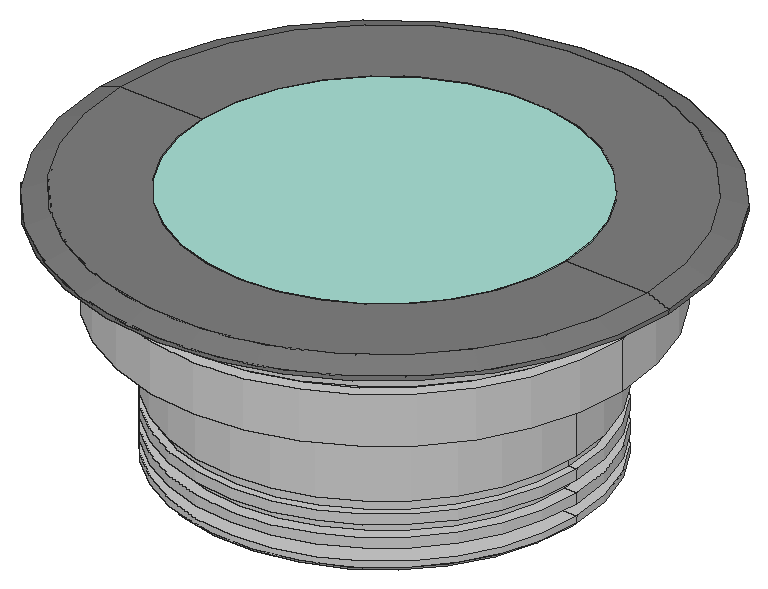
Revit family "Bright 5.H", category Lighting Fixtures, host Face, Revit 2019
Family settings
  Host = Face
  Round Connector Dimension = Use Diameter
  Part Type = Normal
  Cut with Voids When Loaded = Yes
  Light Source = Yes
  Shared = No
  Room Calculation Point = Yes
Parameters (values of type "Bright 5.H L 61° (RGBW 20W 24Vdc)")
  Wiring = "parallel"
  Width mm = 148 mm
  Weight kg = "1.3 kg"
  Wattage = 6.87348 W
  built-in parameter 1150110 = 1 (stored number, unit not read)
  Voltage = 24 V
  URL Accessories and power supply units = "https://www.lucelight.it/en/prodotto.php/128699#a-scheda-accessori"
  URL = "https://www.lucelight.it/en/prodotto.php/128699"
  built-in parameter 1114217 = 1 (stored number, unit not read)
  Tiltable = "-"
  URL Technical sheet = "https://www.lucelight.it/media/prodotti/st/ST_BRIGHT_5H.pdf"
  URL Image = "https://www.lucelight.it/media/prodotti/foto/bright_5.h_still.jpg"
  URL IES Photometric file = "https://www.lucelight.it/media/prodotti/fotometrie/bright_5.h_ies.zip"
  URL General code = "https://www.lucelight.it/en/prodotto.php/128699#a-generacodice"
  URL Description = "https://www.lucelight.it/en/capitolato.php/128699"
  URL DXF = "https://www.lucelight.it/media/prodotti/dxf/bright_5.h.dxf"
  URL Catalogue = "https://www.lucelight.it/media/prodotti/mf_brochure/bright_brochure_en.pdf"
  Trim = L&L_Steel inox AISI 316L
  Tilt Angle = 90.00°
  built-in parameter 1150109 = 1 (stored number, unit not read)
  built-in parameter 1150134 = 12
  built-in parameter 1150113 = 1 (stored number, unit not read)
  Radius Void = 50 mm
  Power supply unit = "not included"
  Power supply = "24Vdc"
  Power cables = "includes 1.50 m FEP+RUB cable (equivalent to H05RN-F) 6x0.50/0.50 Ø6.3 mm"
  Power Supply = L&L_Steel inox AISI 316L
  Power = "20W"
  Photometric Web File = "BRIGHT 5.H L 61° [RGBW 20W 24Vdc].IES"
  Optics = "61°"
  Notes = "-"
  built-in parameter 1150142 = "IESNA:LM-63-2002\r\n[TEST] 20191125-1730\r\n[TESTLAB] L&L\r\n[TESTDATE] 25 Nov 2019\r\n[ISSUEDATE] 25 Nov 2019\r\n[MANUFAC] L&L\r\n[LUMCAT] BRIGHT 5.H L 61° [RGBW 20W 24Vdc]\r\n[LUMINAIRE] BRIGHT 5.H L 61° [RGBW 20W 24Vdc]\r\n[FLASHAREA] 0.000931\r\n[LAMPCAT] RGBW group\r\n[LAMP] RGBW group\r\nTILT=NONE\r\n3 191.33 1.0 181 1 1 2 -0.070 -0.070 0.000\r\n1.00 1.00 20.00\r\n0.00 1.00 2.00 3.00 4.00 5.00 6.00 7.00 8.00 9.00 10.00 \r\n11.00 12.00 13.00 14.00 15.00 16.00 17.00 18.00 19.00 \r\n20.00 21.00 22.00 23.00 24.00 25.00 26.00 27.00 28.00 \r\n29.00 30.00 31.00 32.00 33.00 34.00 35.00 36.00 37.00 \r\n38.00 39.00 40.00 41.00 42.00 43.00 44.00 45.00 46.00 \r\n47.00 48.00 49.00 50.00 51.00 52.00 53.00 54.00 55.00 \r\n56.00 57.00 58.00 59.00 60.00 61.00 62.00 63.00 64.00 \r\n65.00 66.00 67.00 68.00 69.00 70.00 71.00 72.00 73.00 \r\n74.00 75.00 76.00 77.00 78.00 79.00 80.00 81.00 82.00 \r\n83.00 84.00 85.00 86.00 87.00 88.00 89.00 90.00 91.00 \r\n92.00 93.00 94.00 95.00 96.00 97.00 98.00 99.00 100.00 \r\n101.00 102.00 103.00 104.00 105.00 106.00 107.00 108.00 \r\n109.00 110.00 111.00 112.00 113.00 114.00 115.00 116.00 \r\n117.00 118.00 119.00 120.00 121.00 122.00 123.00 124.00 \r\n125.00 126.00 127.00 128.00 129.00 130.00 131.00 132.00 \r\n133.00 134.00 135.00 136.00 137.00 138.00 139.00 140.00 \r\n141.00 142.00 143.00 144.00 145.00 146.00 147.00 148.00 \r\n149.00 150.00 151.00 152.00 153.00 154.00 155.00 156.00 \r\n157.00 158.00 159.00 160.00 161.00 162.00 163.00 164.00 \r\n165.00 166.00 167.00 168.00 169.00 170.00 171.00 172.00 \r\n173.00 174.00 175.00 176.00 177.00 178.00 179.00 180.00 \r\n0.00 \r\n545.64 543.06 541.03 539.18 536.45 532.98 528.71 523.65 \r\n517.73 511.00 503.52 495.17 486.08 476.44 466.14 455.42 \r\n444.43 433.20 421.85 410.45 399.10 387.78 376.29 364.88 \r\n353.48 341.88 329.99 317.90 305.66 293.08 280.16 266.97 \r\n253.39 239.57 225.81 211.82 198.07 184.80 171.90 159.47 \r\n147.47 135.87 124.75 114.01 103.74 93.92 84.63 75.99 \r\n67.88 60.41 53.52 47.32 41.82 36.96 32.59 28.74 25.35 \r\n22.36 19.66 17.24 15.08 13.11 11.31 9.65 8.16 6.75 5.44 \r\n4.26 3.28 2.50 1.93 1.55 1.31 1.16 1.04 0.93 0.84 0.75 \r\n0.66 0.58 0.50 0.43 0.36 0.30 0.23 0.18 0.13 0.09 0.06 \r\n0.03 0.01 0.00 0.00 0.00 0.00 0.00 0.00 0.00 0.00 0.00 \r\n0.00 0.00 0.00 0.00 0.00 0.00 0.00 0.00 0.00 0.00 0.00 \r\n0.00 0.00 0.00 0.00 0.00 0.00 0.00 0.00 0.00 0.00 0.00 \r\n0.00 0.00 0.00 0.00 0.00 0.00 0.00 0.00 0.00 0.00 0.00 \r\n0.00 0.00 0.00 0.00 0.00 0.00 0.00 0.00 0.00 0.00 0.00 \r\n0.00 0.00 0.00 0.00 0.00 0.00 0.00 0.00 0.00 0.00 0.00 \r\n0.00 0.00 0.00 0.00 0.00 0.00 0.00 0.00 0.00 0.00 0.00 \r\n0.00 0.00 0.00 0.00 0.00 0.00 0.00 0.00 0.00 0.00 0.00 \r\n0.00 0.00 0.00 0.00 \r\n"
  No. and type of led = "3 RGBW power LED groups, 50 000h L85 B10 (Ta 25°C)"
  Mounting = "recessed (ceiling, wall, floor)"
  Model = "Bright 5.H"
  Material = "body in black-anodized anticorodal aluminium, trim in AISI 316L stainless steel, screen in tempered, serigraphed-grey and transparent extra-clear glass"
  Manufacturer = "L&L Luce&Light"
  built-in parameter 1150105 = 81.249 (stored number, unit not read)
  Lumens = 1021 lm
  built-in parameter 1150115 = 1 (stored number, unit not read)
  Lumen output at source = "1021 lm, R: 146 lm G: 329 lm B: 117 lm W: 429 lm (4000K)"
  built-in parameter 1150137 = (empty or 0)
  built-in parameter 1150139 = (empty or 0)
  Lens = L&L_Tempered extra-clear glass
  Length mm = 148 mm
  built-in parameter 1150112 = 1 (stored number, unit not read)
  built-in parameter 1150114 = 1 (stored number, unit not read)
  LED Colour = "RGBW"
  built-in parameter 1150132 = 2
  built-in parameter 1150102 = (empty or 0)
  built-in parameter 1150107 = 4000 (stored number, unit not read)
  built-in parameter 1150138 = (empty or 0)
  built-in parameter 1150106 = 0.81249 (stored number, unit not read)
  IP = "IP68, IP69K"
  Height mm = 90 mm
  Height Void = 80 mm
  Geometry = Bright 5.H_mod : Bright 5.H_mod
  Features = "-"
  Energy efficiency class = "A A+ A++"
  Emit from Line Length = 609.6 mm
  built-in parameter 1150104 = 13.8 (stored number, unit not read)
  Dimming Lamp Color Temperature Shift = <None>
  Description = "recessed for outdoor applications"
  Delivered lumen output = "656 lm, R: 101 lm G: 204 lm B: 75 lm W: 276 lm (4000K, 20°)"
  Default Elevation = 1219.2 mm
  Cutout dimensions = "diam. 125 mm"
  Control system = "-"
  Contact = "T: +39 0444 360571; E: lucelight@lucelight.it"
  Company = "L&L Luce&Light"
  Color Filter = 16777215
  Code = "-"
  CRI = "-"
  Body = L&L_Anodized aluminium
  built-in parameter 1114218 = 1 (stored number, unit not read)
  built-in parameter 1150133 = 10 (stored number, unit not read)
  Apparent Load Phase 1 = 20 W
  Apparent Load = 0 VA
Types (3, lengths in mm): name | Photometric Web File | Optics | built-in parameter 1150142
  Bright 5.H L 61° (RGBW 20W 24Vdc) | "BRIGHT 5.H L 61° [RGBW 20W 24Vdc].IES" | "61°" | "IESNA:LM-63-2002\r\n[TEST] 20191125-1730\r\n[TESTLAB] L&L\r\n[TESTDATE] 25 Nov 2019\r\n[ISSUEDATE] 25 Nov 2019\r\n[MANUFAC] L&L\r\n[LUMCAT] BRIGHT 5.H L 61° [RGBW 20W 24Vdc]\r\n[LUMINAIRE] BRIGHT 5.H L 61° [RGBW 20W 24Vdc]\r\n[FLASHAREA] 0.000931\r\n[LAMPCAT] RGBW group\r\n[LAMP] RGBW group\r\nTILT=NONE\r\n3 191.33 1.0 181 1 1 2 -0.070 -0.070 0.000\r\n1.00 1.00 20.00\r\n0.00 1.00 2.00 3.00 4.00 5.00 6.00 7.00 8.00 9.00 10.00 \r\n11.00 12.00 13.00 14.00 15.00 16.00 17.00 18.00 19.00 \r\n20.00 21.00 22.00 23.00 24.00 25.00 26.00 27.00 28.00 \r\n29.00 30.00 31.00 32.00 33.00 34.00 35.00 36.00 37.00 \r\n38.00 39.00 40.00 41.00 42.00 43.00 44.00 45.00 46.00 \r\n47.00 48.00 49.00 50.00 51.00 52.00 53.00 54.00 55.00 \r\n56.00 57.00 58.00 59.00 60.00 61.00 62.00 63.00 64.00 \r\n65.00 66.00 67.00 68.00 69.00 70.00 71.00 72.00 73.00 \r\n74.00 75.00 76.00 77.00 78.00 79.00 80.00 81.00 82.00 \r\n83.00 84.00 85.00 86.00 87.00 88.00 89.00 90.00 91.00 \r\n92.00 93.00 94.00 95.00 96.00 97.00 98.00 99.00 100.00 \r\n101.00 102.00 103.00 104.00 105.00 106.00 107.00 108.00 \r\n109.00 110.00 111.00 112.00 113.00 114.00 115.00 116.00 \r\n117.00 118.00 119.00 120.00 121.00 122.00 123.00 124.00 \r\n125.00 126.00 127.00 128.00 129.00 130.00 131.00 132.00 \r\n133.00 134.00 135.00 136.00 137.00 138.00 139.00 140.00 \r\n141.00 142.00 143.00 144.00 145.00 146.00 147.00 148.00 \r\n149.00 150.00 151.00 152.00 153.00 154.00 155.00 156.00 \r\n157.00 158.00 159.00 160.00 161.00 162.00 163.00 164.00 \r\n165.00 166.00 167.00 168.00 169.00 170.00 171.00 172.00 \r\n173.00 174.00 175.00 176.00 177.00 178.00 179.00 180.00 \r\n0.00 \r\n545.64 543.06 541.03 539.18 536.45 532.98 528.71 523.65 \r\n517.73 511.00 503.52 495.17 486.08 476.44 466.14 455.42 \r\n444.43 433.20 421.85 410.45 399.10 387.78 376.29 364.88 \r\n353.48 341.88 329.99 317.90 305.66 293.08 280.16 266.97 \r\n253.39 239.57 225.81 211.82 198.07 184.80 171.90 159.47 \r\n147.47 135.87 124.75 114.01 103.74 93.92 84.63 75.99 \r\n67.88 60.41 53.52 47.32 41.82 36.96 32.59 28.74 25.35 \r\n22.36 19.66 17.24 15.08 13.11 11.31 9.65 8.16 6.75 5.44 \r\n4.26 3.28 2.50 1.93 1.55 1.31 1.16 1.04 0.93 0.84 0.75 \r\n0.66 0.58 0.50 0.43 0.36 0.30 0.23 0.18 0.13 0.09 0.06 \r\n0.03 0.01 0.00 0.00 0.00 0.00 0.00 0.00 0.00 0.00 0.00 \r\n0.00 0.00 0.00 0.00 0.00 0.00 0.00 0.00 0.00 0.00 0.00 \r\n0.00 0.00 0.00 0.00 0.00 0.00 0.00 0.00 0.00 0.00 0.00 \r\n0.00 0.00 0.00 0.00 0.00 0.00 0.00 0.00 0.00 0.00 0.00 \r\n0.00 0.00 0.00 0.00 0.00 0.00 0.00 0.00 0.00 0.00 0.00 \r\n0.00 0.00 0.00 0.00 0.00 0.00 0.00 0.00 0.00 0.00 0.00 \r\n0.00 0.00 0.00 0.00 0.00 0.00 0.00 0.00 0.00 0.00 0.00 \r\n0.00 0.00 0.00 0.00 0.00 0.00 0.00 0.00 0.00 0.00 0.00 \r\n0.00 0.00 0.00 0.00 \r\n"
  Bright 5.H M 34° (RGBW 20W 24Vdc) | "BRIGHT 5.H M 34° [RGBW 20W 24Vdc].IES" | "34°" | "IESNA:LM-63-2002\r\n[TEST] 20191125-1616\r\n[TESTLAB] L&L\r\n[TESTDATE] 25 Nov 2019\r\n[ISSUEDATE] 25 Nov 2019\r\n[MANUFAC] L&L\r\n[LUMCAT] BRIGHT 5.H M 34° [RGBW 20W 24Vdc]\r\n[LUMINAIRE] BRIGHT 5.H M 34° [RGBW 20W 24Vdc]\r\n[FLASHAREA] 0.000931\r\n[LAMPCAT] RGBW group\r\n[LAMP] RGBW group\r\nTILT=NONE\r\n3 208.33 1.0 181 1 1 2 -0.070 -0.070 0.000\r\n1.00 1.00 20.00\r\n0.00 1.00 2.00 3.00 4.00 5.00 6.00 7.00 8.00 9.00 10.00 \r\n11.00 12.00 13.00 14.00 15.00 16.00 17.00 18.00 19.00 \r\n20.00 21.00 22.00 23.00 24.00 25.00 26.00 27.00 28.00 \r\n29.00 30.00 31.00 32.00 33.00 34.00 35.00 36.00 37.00 \r\n38.00 39.00 40.00 41.00 42.00 43.00 44.00 45.00 46.00 \r\n47.00 48.00 49.00 50.00 51.00 52.00 53.00 54.00 55.00 \r\n56.00 57.00 58.00 59.00 60.00 61.00 62.00 63.00 64.00 \r\n65.00 66.00 67.00 68.00 69.00 70.00 71.00 72.00 73.00 \r\n74.00 75.00 76.00 77.00 78.00 79.00 80.00 81.00 82.00 \r\n83.00 84.00 85.00 86.00 87.00 88.00 89.00 90.00 91.00 \r\n92.00 93.00 94.00 95.00 96.00 97.00 98.00 99.00 100.00 \r\n101.00 102.00 103.00 104.00 105.00 106.00 107.00 108.00 \r\n109.00 110.00 111.00 112.00 113.00 114.00 115.00 116.00 \r\n117.00 118.00 119.00 120.00 121.00 122.00 123.00 124.00 \r\n125.00 126.00 127.00 128.00 129.00 130.00 131.00 132.00 \r\n133.00 134.00 135.00 136.00 137.00 138.00 139.00 140.00 \r\n141.00 142.00 143.00 144.00 145.00 146.00 147.00 148.00 \r\n149.00 150.00 151.00 152.00 153.00 154.00 155.00 156.00 \r\n157.00 158.00 159.00 160.00 161.00 162.00 163.00 164.00 \r\n165.00 166.00 167.00 168.00 169.00 170.00 171.00 172.00 \r\n173.00 174.00 175.00 176.00 177.00 178.00 179.00 180.00 \r\n0.00 \r\n1415.62 1413.00 1403.12 1387.22 1365.30 1338.17 1304.80 \r\n1266.11 1221.94 1173.46 1120.87 1065.33 1005.77 943.30 \r\n881.03 819.27 758.56 698.03 639.28 583.80 531.39 482.41 \r\n437.69 395.89 357.93 322.62 291.15 262.58 236.85 213.72 \r\n193.02 174.27 157.32 141.99 128.16 115.93 104.90 94.97 \r\n86.10 78.27 70.97 64.41 58.26 52.77 47.75 43.24 39.30 \r\n35.72 32.46 29.48 26.77 24.29 22.04 19.95 18.08 16.33 \r\n14.74 13.26 11.88 10.58 9.37 8.23 7.17 6.17 5.20 4.27 \r\n3.36 2.59 1.97 1.48 1.15 0.94 0.81 0.72 0.65 0.59 0.53 \r\n0.47 0.42 0.37 0.32 0.28 0.23 0.19 0.16 0.12 0.09 0.06 \r\n0.04 0.02 0.00 0.00 0.00 0.00 0.00 0.00 0.00 0.00 0.00 \r\n0.00 0.00 0.00 0.00 0.00 0.00 0.00 0.00 0.00 0.00 0.00 \r\n0.00 0.00 0.00 0.00 0.00 0.00 0.00 0.00 0.00 0.00 0.00 \r\n0.00 0.00 0.00 0.00 0.00 0.00 0.00 0.00 0.00 0.00 0.00 \r\n0.00 0.00 0.00 0.00 0.00 0.00 0.00 0.00 0.00 0.00 0.00 \r\n0.00 0.00 0.00 0.00 0.00 0.00 0.00 0.00 0.00 0.00 0.00 \r\n0.00 0.00 0.00 0.00 0.00 0.00 0.00 0.00 0.00 0.00 0.00 \r\n0.00 0.00 0.00 0.00 0.00 0.00 0.00 0.00 0.00 0.00 0.00 \r\n0.00 0.00 0.00 0.00 0.00 \r\n"
  Bright 5.H S 20° (RGBW 20W 24Vdc) | "BRIGHT 5.H S 20° [RGBW 20W 24Vdc].IES" | "20°" | "IESNA:LM-63-2002\r\n[TEST] 20191125-1428\r\n[TESTLAB] L&L\r\n[TESTDATE] 25 Nov 2019\r\n[ISSUEDATE] 25 Nov 2019\r\n[MANUFAC] L&L\r\n[LUMCAT] BRIGHT 5.H S 20° [RGBW 20W 24Vdc]\r\n[LUMINAIRE] BRIGHT 5.H S 20° [RGBW 20W 24Vdc]\r\n[FLASHAREA] 0.000931\r\n[LAMPCAT] RGBW group\r\n[LAMP] RGBW group\r\nTILT=NONE\r\n3 218.67 1.0 181 1 1 2 -0.070 -0.070 0.000\r\n1.00 1.00 20.00\r\n0.00 1.00 2.00 3.00 4.00 5.00 6.00 7.00 8.00 9.00 10.00 \r\n11.00 12.00 13.00 14.00 15.00 16.00 17.00 18.00 19.00 \r\n20.00 21.00 22.00 23.00 24.00 25.00 26.00 27.00 28.00 \r\n29.00 30.00 31.00 32.00 33.00 34.00 35.00 36.00 37.00 \r\n38.00 39.00 40.00 41.00 42.00 43.00 44.00 45.00 46.00 \r\n47.00 48.00 49.00 50.00 51.00 52.00 53.00 54.00 55.00 \r\n56.00 57.00 58.00 59.00 60.00 61.00 62.00 63.00 64.00 \r\n65.00 66.00 67.00 68.00 69.00 70.00 71.00 72.00 73.00 \r\n74.00 75.00 76.00 77.00 78.00 79.00 80.00 81.00 82.00 \r\n83.00 84.00 85.00 86.00 87.00 88.00 89.00 90.00 91.00 \r\n92.00 93.00 94.00 95.00 96.00 97.00 98.00 99.00 100.00 \r\n101.00 102.00 103.00 104.00 105.00 106.00 107.00 108.00 \r\n109.00 110.00 111.00 112.00 113.00 114.00 115.00 116.00 \r\n117.00 118.00 119.00 120.00 121.00 122.00 123.00 124.00 \r\n125.00 126.00 127.00 128.00 129.00 130.00 131.00 132.00 \r\n133.00 134.00 135.00 136.00 137.00 138.00 139.00 140.00 \r\n141.00 142.00 143.00 144.00 145.00 146.00 147.00 148.00 \r\n149.00 150.00 151.00 152.00 153.00 154.00 155.00 156.00 \r\n157.00 158.00 159.00 160.00 161.00 162.00 163.00 164.00 \r\n165.00 166.00 167.00 168.00 169.00 170.00 171.00 172.00 \r\n173.00 174.00 175.00 176.00 177.00 178.00 179.00 180.00 \r\n0.00 \r\n3897.98 3863.00 3772.06 3634.66 3440.68 3227.92 2966.58 \r\n2700.07 2410.41 2131.63 1847.77 1592.61 1347.29 1123.19 \r\n935.11 770.56 636.48 519.94 430.20 356.78 300.25 254.94 \r\n222.13 194.04 173.72 156.08 142.56 131.07 121.37 113.07 \r\n105.96 99.49 93.68 88.36 83.18 78.54 73.65 69.17 64.50 \r\n60.00 55.42 51.03 46.44 42.39 38.45 34.82 31.58 28.55 \r\n25.82 23.24 20.95 18.80 16.94 15.15 13.66 12.19 10.95 \r\n9.77 8.69 7.69 6.77 5.92 5.14 4.41 3.71 3.06 2.41 1.89 \r\n1.45 1.12 0.89 0.74 0.64 0.58 0.52 0.47 0.43 0.38 0.34 \r\n0.30 0.27 0.23 0.20 0.16 0.13 0.11 0.08 0.06 0.04 0.02 \r\n0.00 0.00 0.00 0.00 0.00 0.00 0.00 0.00 0.00 0.00 0.00 \r\n0.00 0.00 0.00 0.00 0.00 0.00 0.00 0.00 0.00 0.00 0.00 \r\n0.00 0.00 0.00 0.00 0.00 0.00 0.00 0.00 0.00 0.00 0.00 \r\n0.00 0.00 0.00 0.00 0.00 0.00 0.00 0.00 0.00 0.00 0.00 \r\n0.00 0.00 0.00 0.00 0.00 0.00 0.00 0.00 0.00 0.00 0.00 \r\n0.00 0.00 0.00 0.00 0.00 0.00 0.00 0.00 0.00 0.00 0.00 \r\n0.00 0.00 0.00 0.00 0.00 0.00 0.00 0.00 0.00 0.00 0.00 \r\n0.00 0.00 0.00 0.00 0.00 0.00 0.00 0.00 0.00 0.00 0.00 \r\n0.00 0.00 0.00 \r\n"
Reference planes
  plane 1 "Center (Front/Back)": y = 0
  plane 2: z = 0
  plane 3 "Center (Left/Right)": x = 0
  plane 4: z = -80
Forms (mm)
  Extrusion 1, void
    sketch origin (0, 0, 0) x (1, 0, 0) y (0, 1, 0)
      loop
        circle (0, 0) r 50
    from -80 to 0
Dimensions and locks
  "Height Void": plane 4 to plane 2
  "Radius Void": radius of Extrusion 1 sketch curve
  aligned and locked: plane 2 to host face
  aligned and locked: level to host face
  aligned and locked: Extrusion 1 to plane 4
  aligned and locked: plane 2 to Extrusion 1
Automatic sketch dimensions
  host sketch curve to host sketch curve = 2438.4 mm  (x2)
  plane 1 "Center (Front/Back)" to Extrusion 1 sketch curve = 0 mm
  Extrusion 1 sketch curve to plane 3 "Center (Left/Right)" = 0 mm
Nested families
  nested 1: "Bright 5.H_mod" at (0, 0, 0), type <- "Geometry", type "Bright 5.H_mod"
Connectors
  electrical at (0, 0, 0), driven by "Apparent Load Phase 1", driven by "Voltage"
    settings: index 1, voltage 24 V, apparent load 0 VA, apparent load phase1 20 VA, apparent load phase2 0 VA, apparent load phase3 0 VA, power factor 1, load classification "Lighting", number of poles 1, system type 31, power factor state 1, is connector primary yes, connector utility no, sub classification motor no, connector description ""
Definition of nested family "Bright 5.H_mod"
  Parameters (values of type "Bright 5.H_mod")
    Trim = none
    Power supply = none
    Lens = none
    Default Elevation = 1219.2 mm
    Body = none
  Reference planes
    plane 1 "Light Source Axis (F/B)": y = 0
    plane 2: z = 0
    plane 3 "Light Source Axis (L/R)": x = 0
    plane 4 "Light Source Elevation": z = 3
    plane 5: z = -87
    plane 6: z = -22
  Forms (mm)
    Extrusion 1, solid, material <- "Body", detail levels coarse
      sketch origin (0, 0, 0) x (1, 0, 0) y (0, 1, 0)
        loop
          circle (0, 0) r 74
      from -87 to 3
    Extrusion 2, solid, material <- "Trim", detail levels medium
      sketch origin (0, 0, 0) x (1, 0, 0) y (0, 1, 0)
        loop
          circle (0, 0) r 74
        loop
          circle (0, 0) r 47.25
      from -22 to 3
    Extrusion 3, solid, material <- "Body", detail levels medium
      sketch origin (0, 0, 0) x (1, 0, 0) y (0, 1, 0)
        loop
          circle (0, 0) r 50
      from -87 to -22
    Extrusion 4, solid, material <- "Lens", detail levels medium+fine
      sketch origin (0, 0, 0) x (1, 0, 0) y (0, 1, 0)
        loop
          circle (0, 0) r 47.25
      from 0 to 3
    Revolve 5, solid, material <- "Trim", detail levels fine
      sketch origin (0, 0, 0) x (1, 0, 0) y (0, 0, 1)
        loop
          line (47.25, 3) -> (47.25, 0) -> (74, 0) -> (74, 1) -> (68.505, 3) -> (47.25, 3)
        axis (0, 3) -> (0, 0)
      angle from 0 to 360
    Revolve 6, solid, material <- "Body", detail levels fine
      sketch origin (0, 0, 0) x (1, 0, 0) y (0, 0, 1)
        loop
          line (62, -8) -> (62, 0) -> (0, 0) -> (0, -58) -> (48.999, -58) -> (50, -57) -> (50, -55.5) -> (44, -55.5) -> (44, -52.5) -> (50, -52.5) -> (50, -50) -> (47, -50) -> (47, -47) -> (50, -47) -> (50, -44.5) -> (48, -44.5) -> (48, -41.5) -> (50, -41.5) -> (50, -22) -> (62, -22) -> (62, -10) -> (59, -10) -> (59, -8) -> (62, -8)
        axis (0, -58) -> (0, 0)
      angle from 0 to 360
  Dimensions and locks
    level to plane 4 "Light Source Elevation" = 3 mm
    plane 5 to plane 4 "Light Source Elevation" = 90 mm
    plane 6 to plane 4 "Light Source Elevation" = 25 mm
    aligned and locked: level to plane 2
    aligned and locked: plane 5 to Extrusion 1
    aligned and locked: Extrusion 1 to plane 4 "Light Source Elevation"
    aligned and locked: plane 6 to Extrusion 2
    aligned and locked: Extrusion 2 to plane 4 "Light Source Elevation"
    aligned and locked: plane 5 to Extrusion 3
    aligned and locked: Extrusion 3 to plane 6
    aligned and locked: Extrusion 4 to level
    aligned and locked: Extrusion 4 to plane 4 "Light Source Elevation"
  Nested families
    nested 1: "Power supply" at (-24.682, 0, -58), type "Power supply", detail levels fine
  Definition of nested family "Power supply"
    Parameters (values of type "Power supply")
      Power supply = none
      Default Elevation = 1219.2 mm
    Reference planes
      plane 1 "Light Source Axis (F/B)": y = 0
      plane 2: z = 0
      plane 3 "Light Source Axis (L/R)": x = 0
      plane 4 "Light Source Elevation": z = 1500
    Forms (mm)
      Extrusion 1, solid, material <- "Power supply"
        sketch origin (36.054, -14.716, -19.543) x (1, 0, 0) y (0, 1, 0)
          loop
            circle (-36.054, 14.716) r 7.8
        from 5.793 to 11.543
      Extrusion 2, solid, material <- "Power supply"
        sketch origin (33.254, -14.716, -12.98) x (1, 0, 0) y (0, 1, 0)
          loop
            line (-33.254, 24.216) -> (-39.972, 21.433) -> (-42.754, 14.716) -> (-39.972, 7.998) -> (-33.254, 5.216) -> (-26.537, 7.998) -> (-23.754, 14.716) -> (-26.537, 21.433) -> (-33.254, 24.216)
        from 4.98 to 12.98
      Extrusion 3, solid, material <- "Power supply"
        sketch origin (33.254, -14.716, -21.238) x (1, 0, 0) y (0, 1, 0)
          loop
            line (-33.254, 25.686) -> (-41.011, 22.473) -> (-44.224, 14.716) -> (-41.011, 6.959) -> (-33.254, 3.746) -> (-25.497, 6.959) -> (-22.284, 14.716) -> (-25.497, 22.473) -> (-33.254, 25.686)
        from -3.512 to 7.488
      Revolve 4, solid, material <- "Power supply"
        sketch origin (0, 0, -12.75) x (1, 0, 0) y (0, 0, 1)
          loop
            line (0, -12) -> (0, -16.2) -> (5.5, -16.2)
            arc (5.5, -16.2) -> (8.211, -14.914) -> (8.929, -12) r 3.5
            line (8.929, -12) -> (0, -12)
          axis (0, -16.2) -> (0, -12)
        angle from 0 to 360
    Dimensions and locks
      aligned and locked: level to plane 2
